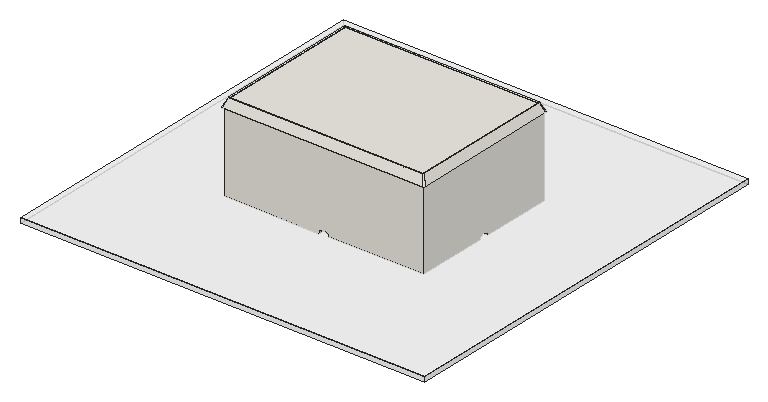
Revit family "BS-678BSW", category Communication Devices, host Face, Revit 2018
Family settings
  Host = Face
  Maintain Annotation Orientation = No
  Round Connector Dimension = Use Diameter
  Part Type = Normal
  OmniClass Number = 23.85.10.11.14
  OmniClass Title = Audio Equipment
  Cut with Voids When Loaded = Yes
  Shared = No
  Room Calculation Point = No
Parameters (values of type "BS-678BSW")
  Weight = "1.7 kg (3.75 lb)"
  URL = "http://toa.com.sg"
  Speaker Mounting Method = "Wall-mount"
  Speaker Component = "16 cm (6\") cone-type"
  Sensitivity = "94 dB (1 W, 1 m) (500 – 5,000 Hz, pink noise) 92 dB (1 W, 1 m) (100 – 10,000 Hz, pink noise) 80 dB (1 W, 4 m) (100 – 10,000 Hz, pink noise)"
  Rated Noise Power = "6 W (100 V line), 3 W (70 V line)"
  Operating Temperature = "-10° C to +50° C (14° F to 122° F)"
  Model Type = "WALL MOUNT SPEAKERS"
  Mesh = White Mesh(1)
  Frequency Response = "150 – 18,000 Hz"
  Maximum Sound Pressure Level = "98 dB (6 W, 1 m) (100 – 10,000 Hz, pink noise), 86 dB (6 W, 4 m) (100 – 10,000 Hz, pink noise)"
  Rated Impedance = "100 V line:1.7k Ω (6 W), 3.3k Ω (3 W), 6.7k Ω (1.5 W), 13k Ω (0.8 W), 70 V line: 1.7k Ω (3 W), 3.3k Ω (1.5 W), 6.7k Ω (0.8 W), 13k Ω (0.4W)"
  Model By = "BIMLIFE PTE LTD"  # constant formula
  Model = "BS-678BSB"
  Manufacturer = "TOA Electronics Pte Ltd"  # constant formula
  Supplier Tel = "+65 6835 9119"  # constant formula
  Supplier Fax = "+65 6835 9559"  # constant formula
  Supplier Address = "491B River Valley Road, #19-03/04 Valley Point Office Tower, Singapore 248373"  # constant formula
  Supplier = "TOA Electronics Pte Ltd"  # constant formula
  Suppiler Email = "http://toa.com.sg"  # constant formula
  Material = Pure White
  Finish = "Baffle: HIPS resin, white (RAL 9010 or equivalent colour) Cabinet: Particle board with pvc sheet, white (RAL 9010 or equivalent colour) Grille: Surface-treated steel plate net, white (RAL 9010 or equivalent colour), paint"
  Environmental Type = "A (indoor applications)"
  Dimension = "250 (W) × 190 (H) × 110 (D) mm"
  Default Elevation = 0 mm
  Coverage Angle = "Horizontal: 360° (500 Hz), 135° (1,000 Hz), 130° (2,000 Hz), 70° (4,000 Hz) Vertical: 330° (500 Hz), 160° (1,000 Hz), 135° (2,000 Hz), 70° (4,000 Hz)"
  Copyright To = "TOA Electronics Pte Ltd"  # constant formula
  Connection = "Screw connector (steatite terminal × 2) bridging"
  Applicable Cable = "Conductor: Solid wire or 7-core wire, 0.8 – 7 mm² (AWG 18 – AWG 9) for solid wire, 0.8 – 4 mm² (AWG 18 – AWG 11) for 7-core wire"
Reference planes
  plane 1 "Center (Front/Back)": y = 0
  plane 2: z = 0
  plane 3 "Center (Left/Right)": x = 0
Forms (mm)
  Extrusion 1, solid, material "Surface"
    sketch origin (1.238, -13.929, 0) x (1, 0, 0) y (0, 1, 0)
      loop
        line (-251.238, 263.929) -> (-251.238, -236.071) -> (248.762, -236.071) -> (248.762, 263.929) -> (-251.238, 263.929)
    from 0 to -6.497
  Extrusion 2, solid, material "Pure White" <- "Material"
    sketch origin (0, 0, 0) x (1, 0, 0) y (0, 1, 0)
      loop
        line (-123, 93) -> (-123, -93) -> (123, -93) -> (123, 93) -> (-123, 93)
    from 0 to 98.5
  Blend 3, solid, material "Pure White" <- "Material"
    base sketch origin (0, 0, 98.5) x (1, 0, 0) y (0, 1, 0)
      loop
        line (-124, -95) -> (124, -95)
        arc (124, -95) -> (124.707, -94.707) -> (125, -94) r 1
        line (125, -94) -> (125, 94)
        arc (125, 94) -> (124.707, 94.707) -> (124, 95) r 1
        line (124, 95) -> (-124, 95)
        arc (-124, 95) -> (-124.707, 94.707) -> (-125, 94) r 1
        line (-125, 94) -> (-125, -94)
        arc (-125, -94) -> (-124.707, -94.707) -> (-124, -95) r 1
    top sketch origin (0, 0, 98.5) x (1, 0, 0) y (0, 1, 0)
      loop
        arc (-119.605, 90.605) -> (-120.312, 90.312) -> (-120.605, 89.605) r 1
        line (-120.605, 89.605) -> (-120.605, -89.605)
        arc (-120.605, -89.605) -> (-120.312, -90.312) -> (-119.605, -90.605) r 1
        line (-119.605, -90.605) -> (119.605, -90.605)
        arc (119.605, -90.605) -> (120.312, -90.312) -> (120.605, -89.605) r 1
        line (120.605, -89.605) -> (120.605, 89.605)
        arc (120.605, 89.605) -> (120.312, 90.312) -> (119.605, 90.605) r 1
        line (119.605, 90.605) -> (-119.605, 90.605)
    from 0 to 10.5
  Extrusion 4, solid, material "White Mesh(1)" <- "Mesh"
    sketch origin (0, 0, 109) x (1, 0, 0) y (0, 1, 0)
      loop
        line (-119.75, 89.75) -> (-119.75, -89.75) -> (119.75, -89.75) -> (119.75, 89.75) -> (-119.75, 89.75)
    from -1 to 0
  Extrusion 5, void
    sketch origin (0, 0, 109) x (0, 1, 0) y (1, 0, 0)
      loop
        line (89.75, 119.75) -> (-89.75, 119.75) -> (-89.75, -119.75) -> (89.75, -119.75) -> (89.75, 119.75)
    from 0 to 1
  Extrusion 6, void
    sketch origin (82, -93, 0) x (1, 0, 0) y (0, 0, -1)
      loop
        spline (-88, 0) -> (-87.796, -1.294) -> (-87.196, -2.5) -> (-86.243, -3.536) -> (-85, -4.33) -> (-83.553, -4.83) -> (-82, -5) -> (-80.447, -4.83) -> (-79, -4.33) -> (-77.757, -3.536) -> (-76.804, -2.5) -> (-76.204, -1.294) -> (-76, 0)
        spline (-76, 0) -> (-76.204, 1.294) -> (-76.804, 2.5) -> (-77.757, 3.536) -> (-79, 4.33) -> (-80.447, 4.83) -> (-82, 5) -> (-83.553, 4.83) -> (-85, 4.33) -> (-86.243, 3.536) -> (-87.196, 2.5) -> (-87.796, 1.294) -> (-88, 0)
    from 0 to 186
  Extrusion 7, void
    sketch origin (123, 93, 0) x (0, 1, 0) y (0, 0, -1)
      loop
        spline (-99, 0) -> (-98.796, -1.294) -> (-98.196, -2.5) -> (-97.243, -3.536) -> (-96, -4.33) -> (-94.553, -4.83) -> (-93, -5) -> (-91.447, -4.83) -> (-90, -4.33) -> (-88.757, -3.536) -> (-87.804, -2.5) -> (-87.204, -1.294) -> (-87, 0)
        spline (-87, 0) -> (-87.204, 1.294) -> (-87.804, 2.5) -> (-88.757, 3.536) -> (-90, 4.33) -> (-91.447, 4.83) -> (-93, 5) -> (-94.553, 4.83) -> (-96, 4.33) -> (-97.243, 3.536) -> (-98.196, 2.5) -> (-98.796, 1.294) -> (-99, 0)
    from 0 to 246
  Extrusion 8, solid, material "Pure White" <- "Material", not visible
    sketch origin (0, 0, 0) x (1, 0, 0) y (0, 1, 0)
      loop
        line (-123, 93) -> (-123, -93) -> (123, -93) -> (123, 93) -> (-123, 93)
    from 0 to 98.5
  Blend 9, solid, material "Pure White" <- "Material", not visible
    base sketch origin (0, 0, 98.5) x (1, 0, 0) y (0, 1, 0)
      loop
        line (-124, -95) -> (124, -95)
        arc (124, -95) -> (124.707, -94.707) -> (125, -94) r 1
        line (125, -94) -> (125, 94)
        arc (125, 94) -> (124.707, 94.707) -> (124, 95) r 1
        line (124, 95) -> (-124, 95)
        arc (-124, 95) -> (-124.707, 94.707) -> (-125, 94) r 1
        line (-125, 94) -> (-125, -94)
        arc (-125, -94) -> (-124.707, -94.707) -> (-124, -95) r 1
    top sketch origin (0, 0, 98.5) x (1, 0, 0) y (0, 1, 0)
      loop
        arc (-119.605, 90.605) -> (-120.312, 90.312) -> (-120.605, 89.605) r 1
        line (-120.605, 89.605) -> (-120.605, -89.605)
        arc (-120.605, -89.605) -> (-120.312, -90.312) -> (-119.605, -90.605) r 1
        line (-119.605, -90.605) -> (119.605, -90.605)
        arc (119.605, -90.605) -> (120.312, -90.312) -> (120.605, -89.605) r 1
        line (120.605, -89.605) -> (120.605, 89.605)
        arc (120.605, 89.605) -> (120.312, 90.312) -> (119.605, 90.605) r 1
        line (119.605, 90.605) -> (-119.605, 90.605)
    from 0 to 10.5
  Extrusion 10, solid, material "White Mesh(1)" <- "Mesh", not visible
    sketch origin (0, 0, 109) x (1, 0, 0) y (0, 1, 0)
      loop
        line (-119.75, 89.75) -> (-119.75, -89.75) -> (119.75, -89.75) -> (119.75, 89.75) -> (-119.75, 89.75)
    from -1 to 0
  Extrusion 11, void, not visible
    sketch origin (0, 0, 109) x (0, 1, 0) y (1, 0, 0)
      loop
        line (89.75, 119.75) -> (-89.75, 119.75) -> (-89.75, -119.75) -> (89.75, -119.75) -> (89.75, 119.75)
    from 0 to 1
  Extrusion 12, void, not visible
    sketch origin (82, -93, 0) x (1, 0, 0) y (0, 0, -1)
      loop
        spline (-88, 0) -> (-87.796, -1.294) -> (-87.196, -2.5) -> (-86.243, -3.536) -> (-85, -4.33) -> (-83.553, -4.83) -> (-82, -5) -> (-80.447, -4.83) -> (-79, -4.33) -> (-77.757, -3.536) -> (-76.804, -2.5) -> (-76.204, -1.294) -> (-76, 0)
        spline (-76, 0) -> (-76.204, 1.294) -> (-76.804, 2.5) -> (-77.757, 3.536) -> (-79, 4.33) -> (-80.447, 4.83) -> (-82, 5) -> (-83.553, 4.83) -> (-85, 4.33) -> (-86.243, 3.536) -> (-87.196, 2.5) -> (-87.796, 1.294) -> (-88, 0)
    from 0 to 186
  Extrusion 13, void, not visible
    sketch origin (123, 93, 0) x (0, 1, 0) y (0, 0, -1)
      loop
        spline (-99, 0) -> (-98.796, -1.294) -> (-98.196, -2.5) -> (-97.243, -3.536) -> (-96, -4.33) -> (-94.553, -4.83) -> (-93, -5) -> (-91.447, -4.83) -> (-90, -4.33) -> (-88.757, -3.536) -> (-87.804, -2.5) -> (-87.204, -1.294) -> (-87, 0)
        spline (-87, 0) -> (-87.204, 1.294) -> (-87.804, 2.5) -> (-88.757, 3.536) -> (-90, 4.33) -> (-91.447, 4.83) -> (-93, 5) -> (-94.553, 4.83) -> (-96, 4.33) -> (-97.243, 3.536) -> (-98.196, 2.5) -> (-98.796, 1.294) -> (-99, 0)
    from 0 to 246
Cuts and joins
  Extrusion 5, Extrusion 6, Extrusion 7 cuts Extrusion 2
  Extrusion 5 cuts Blend 3
Dimensions and locks
  aligned and locked: plane 2 to Extrusion 1
  aligned and locked: level to Extrusion 1
  aligned and locked: plane 3 "Center (Left/Right)" to cut or joined group of Extrusion 2, Extrusion 5, Extrusion 6, Extrusion 7
